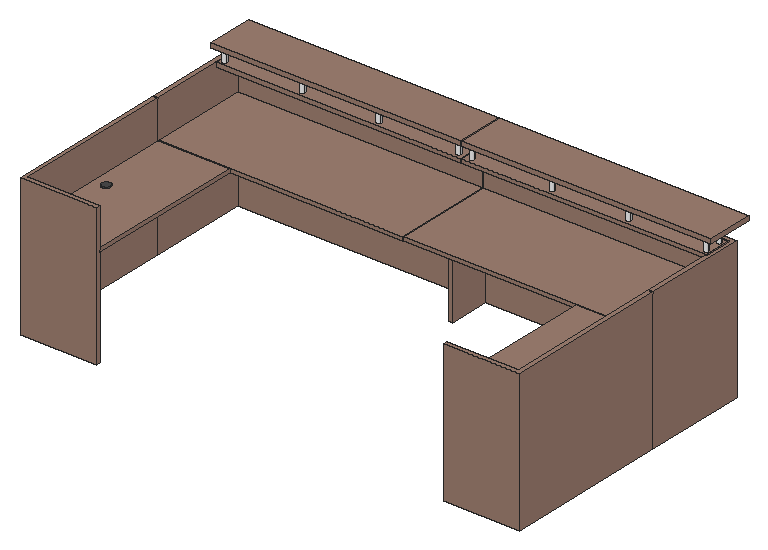
Revit family "T100121", category Furniture, Revit 2018
Family settings
  OmniClass Number = 23.40.20.00
  OmniClass Title = General Furniture and Specialties
  Work Plane-Based = No
  Always vertical = Yes
  Cut with Voids When Loaded = No
  Shared = No
  Room Calculation Point = No
Reference planes (in)
  plane 1 "Center Front/Back": y = 0
  plane 2: z = 0
  plane 3 "Center Left/Right": x = 0
Dimensions and locks (in)
  aligned and locked: level to plane 2
Nested families (in)
  nested 1: "OFS ELEMENT DOUBLE DESK WITH RETURN 144in" at (0, 17, 0), type "ELEMENT DOUBLE DESK WITH RETURN 144in Desk 48in Return"
    with Desk Overlay Option yes
Definition of nested family "OFS ELEMENT DOUBLE DESK WITH RETURN 144in"
  Parameters (values of type "ELEMENT DOUBLE DESK WITH RETURN 144in Desk 60in Return")
    Worksurface Material = none
    Width = 12' - 0"
    URL = "http://www.ofsbrands.com/"
    Transaction Shelf Material = none
    Table Supp from Lateral = 0' - 2 5/8"
    Table Supp from Center = 2' - 1"
    Table Depth = 1' - 1 1/2"
    Return Worksurface Width = 1' - 10"
    Model = "EL-T72D60"
    Manufacturer = "OFS"
    Lateral Board Thickness = 0' - 1 3/16"
    Height = 3' - 9"
    Standoffs Material = none
    Groomet Material = none
    Desk Overlay Thickness = 0' - 0 1/8"
    Desk Overlay Option [instance] = yes
    Desk Overlay Material = none
    Desk Overlay = 0' - 6 1/2"
    Description = "OFS BRANDS OFS ELEMENT DOUBLE DESK WITH RETURN 144\" Width, 2 X 72\"W x 34.3125\"D DESK, 2 X 60\"W x 22\"D RETURN"
    Depth = 7' - 10 5/16"
    Copyright © = "© 2018 OFS BRANDS"
    Catalog = "http://ofs.com/products/casegoods/reception/element"
    Bottom Board Offset = 0' - 0"
    Chassis Material = none
    Base Depth = 2' - 6"
    Back Board Thickness = 0' - 1 3/16"
    Authoring Version = "Autodesk Revit Architecture 2013"
    Assembly Code = "E2020200"
  Types (3): name | Model | Description | Depth
    (no name) | "EL-T72D60" | "OFS BRANDS OFS ELEMENT DOUBLE DESK WITH RETURN 144\" Width, 2 X 72\"W x 34.3125\"D DESK, 2 X 60\"W x 22\"D RETURN" | 7' - 10 5/16"
    ELEMENT DOUBLE DESK WITH RETURN 144in Desk 48in Return | "EL-T72D48" | "OFS BRANDS OFS ELEMENT DOUBLE DESK WITH RETURN 144\" Width, 2 X 72\"W x 34.3125\"D DESK, 2 X 48\"W x 22\"D RETURN" | 6' - 10 5/16"
    ELEMENT DOUBLE DESK WITH RETURN 144in Desk 60in Return | "EL-T72D60" | "OFS BRANDS OFS ELEMENT DOUBLE DESK WITH RETURN 144\" Width, 2 X 72\"W x 34.3125\"D DESK, 2 X 60\"W x 22\"D RETURN" | 7' - 10 5/16"
  Reference planes (in)
    plane 1 "Center Front/Back": y = 0
    plane 2: z = 0
    plane 3 "Center Left/Right": x = 0
    plane 4 "Back External": y = 17.15625
    plane 5 "Right External": x = 72
    plane 6 "Front External": y = -17.15625
    plane 7 "Left External": x = -72
    plane 8 "Seat Height": z = 29.5
    plane 9 "Height": z = 45
    plane 10: x = 70.8125
    plane 11: x = -70.8125
    plane 12: y = 12.84375
    plane 13: y = 11.65625
    plane 14: y = 3.65625
    plane 15: z = 40.5
    plane 16: z = 28.5
    plane 17: z = 43.875
    plane 18: z = 39.375
    plane 19: z = 0
    plane 20: x = -69.375
    plane 21: x = -25
    plane 22: x = 69.375
    plane 23: x = 25
    plane 24: x = 65.5
    plane 25: x = -65.5
    plane 26: z = 6.5
    plane 27: z = 34
    plane 28: y = 12.96875
    plane 29: x = 0.5
    plane 30: x = -0.5
    plane 31: x = -1.9375
    plane 32: x = 1.9375
    plane 33: x = -47
    plane 34: x = 47
    plane 35: y = -77.15625
    plane 36: x = -50
    plane 37: y = -75.96875
    plane 38: x = -67
    plane 39: x = 50
    plane 40: x = 67
    plane 41: y = -46.5625
  Forms (in)
    Extrusion 1, solid, material <- "Worksurface Material"
      sketch origin (0, 0, 0) x (1, 0, 0) y (0, 1, 0)
        loop
          line (-70.8125, 11.65625) -> (-70.8125, -17.15625) -> (-0.03125, -17.15625) -> (-0.03125, 11.65625) -> (-70.8125, 11.65625)
        loop
          line (70.8125, -17.15625) -> (70.8125, 11.65625) -> (0.03125, 11.65625) -> (0.03125, -17.15625) -> (70.8125, -17.15625)
      from 28.5 to 29.5
    Extrusion 2, solid, material <- "Chassis Material"
      sketch origin (0, 0, 0) x (1, 0, 0) y (0, 1, 0)
        loop
          line (-72, -17.15625) -> (-70.8125, -17.15625) -> (-70.8125, 11.65625) -> (-0.03125, 11.65625) -> (-0.03125, 12.84375) -> (-72, 12.84375) -> (-72, -17.15625)
        loop
          line (72, 12.84375) -> (0.03125, 12.84375) -> (0.03125, 11.65625) -> (70.8125, 11.65625) -> (70.8125, -17.15625) -> (72, -17.15625) -> (72, 12.84375)
      from 0 to 40.5
    Extrusion 3, solid, material <- "Chassis Material"
      sketch origin (0, 0, 6) x (1, 0, 0) y (0, 1, 0)
        loop
          line (-70.8125, 11.65625) -> (-70.8125, 3.65625) -> (-0.03125, 3.65625) -> (-0.03125, 11.65625) -> (-70.8125, 11.65625)
        loop
          line (70.8125, 3.65625) -> (70.8125, 11.65625) -> (0.03125, 11.65625) -> (0.03125, 3.65625) -> (70.8125, 3.65625)
      from 33.375 to 34.5
    Extrusion 4, solid, material <- "Transaction Shelf Material"
      sketch origin (0, 0, 6) x (1, 0, 0) y (0, 1, 0)
        loop
          line (-72, 17.15625) -> (-72, 3.65625) -> (-0.03125, 3.65625) -> (-0.03125, 17.15625) -> (-72, 17.15625)
        loop
          line (72, 3.65625) -> (72, 17.15625) -> (0.03125, 17.15625) -> (0.03125, 3.65625) -> (72, 3.65625)
      from 37.875 to 39
    Extrusion 5, solid, material <- "Standoffs Material"
      sketch origin (0, 0, 0) x (1, 0, 0) y (0, 1, 0)
        loop
          circle (-69.375, 10.04085) r 0.625
      from 40.5 to 43.875
    Extrusion 6, solid, material <- "Standoffs Material"
      sketch origin (0, -4.75, 0) x (1, 0, 0) y (0, 1, 0)
        loop
          circle (-69.375, 10.04085) r 0.625
      from 40.5 to 43.875
    Extrusion 7, solid, material <- "Standoffs Material"
      sketch origin (22.25, 0, 0) x (1, 0, 0) y (0, 1, 0)
        loop
          circle (-47.25, 10.04085) r 0.625
      from 40.5 to 43.875
    Extrusion 8, solid, material <- "Standoffs Material"
      sketch origin (22.25, -4.75, 0) x (1, 0, 0) y (0, 1, 0)
        loop
          circle (-47.25, 10.04085) r 0.625
      from 40.5 to 43.875
    Extrusion 9, solid, material <- "Standoffs Material"
      sketch origin (44.5, 0, 0) x (1, 0, 0) y (0, 1, 0)
        loop
          circle (-19.5, 10.04085) r 0.625
      from 40.5 to 43.875
    Extrusion 10, solid, material <- "Standoffs Material"
      sketch origin (44.5, -4.75, 0) x (1, 0, 0) y (0, 1, 0)
        loop
          circle (-19.5, 10.04085) r 0.625
      from 40.5 to 43.875
    Extrusion 11, solid, material <- "Standoffs Material"
      sketch origin (66.75, 0, 0) x (1, 0, 0) y (0, 1, 0)
        loop
          circle (2.625, 10.04085) r 0.625
      from 40.5 to 43.875
    Extrusion 12, solid, material <- "Standoffs Material"
      sketch origin (66.75, -4.75, 0) x (1, 0, 0) y (0, 1, 0)
        loop
          circle (2.625, 10.04085) r 0.625
      from 40.5 to 43.875
    Extrusion 13, solid, material <- "Desk Overlay Material", visible <- "Desk Overlay Option"
      sketch origin (0, 0, 0) x (1, 0, 0) y (0, 0, 1)
        loop
          line (65.5, 34) -> (-65.5, 34) -> (-65.5, 6.5) -> (65.5, 6.5) -> (65.5, 34)
      from -12.96875 to -12.84375
    Extrusion 14, solid, material <- "Chassis Material"
      sketch origin (0, 0, 0) x (1, 0, 0) y (0, 1, 0)
        loop
          line (-0.5, 11.65625) -> (-0.5, 0) -> (0.5, 0) -> (0.5, 11.65625) -> (-0.5, 11.65625)
      from 0 to 28.5
    Extrusion 15, solid, material <- "Standoffs Material"
      sketch origin (-71.3125, 0, 0) x (-1, 0, 0) y (0, -1, 0)
        loop
          circle (-69.375, -10.04085) r 0.625
      from 40.5 to 43.875
    Extrusion 16, solid, material <- "Standoffs Material"
      sketch origin (-71.3125, -4.75, 0) x (-1, 0, 0) y (0, -1, 0)
        loop
          circle (-69.375, -10.04085) r 0.625
      from 40.5 to 43.875
    Extrusion 17, solid, material <- "Standoffs Material"
      sketch origin (71.3125, 0, 0) x (1, 0, 0) y (0, 1, 0)
        loop
          circle (-69.375, 10.04085) r 0.625
      from 40.5 to 43.875
    Extrusion 18, solid, material <- "Standoffs Material"
      sketch origin (71.3125, -4.75, 0) x (1, 0, 0) y (0, 1, 0)
        loop
          circle (-69.375, 10.04085) r 0.625
      from 40.5 to 43.875
    Extrusion 19, solid, material <- "Standoffs Material"
      sketch origin (-94.25, 0, 0) x (-1, 0, 0) y (0, -1, 0)
        loop
          circle (-47.25, -10.04085) r 0.625
      from 40.5 to 43.875
    Extrusion 20, solid, material <- "Standoffs Material"
      sketch origin (-94.25, -4.75, 0) x (-1, 0, 0) y (0, -1, 0)
        loop
          circle (-47.25, -10.04085) r 0.625
      from 40.5 to 43.875
    Extrusion 21, solid, material <- "Standoffs Material"
      sketch origin (94.25, 0, 0) x (1, 0, 0) y (0, 1, 0)
        loop
          circle (-47.25, 10.04085) r 0.625
      from 40.5 to 43.875
    Extrusion 22, solid, material <- "Standoffs Material"
      sketch origin (94.25, -4.75, 0) x (1, 0, 0) y (0, 1, 0)
        loop
          circle (-47.25, 10.04085) r 0.625
      from 40.5 to 43.875
    Extrusion 23, solid, material <- "Chassis Material"
      sketch origin (-36, 0, 0) x (1, 0, 0) y (0, 1, 0)
        loop
          line (-36, -17.15625) -> (-36, -77.15625) -> (-14, -77.15625) -> (-14, -75.96875) -> (-34.8125, -75.96875) -> (-34.8125, -17.15625) -> (-36, -17.15625)
      from 0 to 40.5
    Extrusion 24, solid, material <- "Worksurface Material"
      sketch origin (-21.16074, -32.43958, 0) x (1, 0, 0) y (0, 1, 0)
        loop
          line (-49.65176, 15.28333) -> (-49.65176, -43.52917) -> (-28.83926, -43.52917) -> (-28.83926, 15.28333) -> (-49.65176, 15.28333)
      from 28.5 to 29.5
    Extrusion 25, solid, material <- "Chassis Material"
      sketch origin (36, 0, 0) x (-1, 0, 0) y (0, -1, 0)
        loop
          line (-36, 17.15625) -> (-34.8125, 17.15625) -> (-34.8125, 75.96875) -> (-14, 75.96875) -> (-14, 77.15625) -> (-36, 77.15625) -> (-36, 17.15625)
      from 0 to 40.5
    Extrusion 26, solid, material <- "Worksurface Material"
      sketch origin (21.16074, -32.43958, 0) x (-1, 0, 0) y (0, -1, 0)
        loop
          line (-49.65176, -15.28333) -> (-28.83926, -15.28333) -> (-28.83926, 43.52917) -> (-49.65176, 43.52917) -> (-49.65176, -15.28333)
      from 28.5 to 29.5
    Extrusion 27, solid, material <- "Groomet Material"
      sketch origin (-36, 0, 0) x (1, 0, 0) y (0, 1, 0)
        loop
          circle (-31, -46.5625) r 1.25
      from 29.5 to 29.625
    Extrusion 28, solid, material <- "Groomet Material"
      sketch origin (36, 6, 0) x (-1, 0, 0) y (0, -1, 0)
        loop
          circle (-31, 52.5625) r 1.25
      from 29.5 to 29.625
  Dimensions and locks (in)
    equal spacing: plane 7 "Left External", plane 3 "Center Left/Right", plane 5 "Right External"
    "Width": plane 7 "Left External" to plane 5 "Right External"
    equal spacing: plane 6 "Front External", plane 1 "Center Front/Back", plane 4 "Back External"
    "Depth": plane 4 "Back External" to plane 35
    plane 8 "Seat Height" to level = 2' - 5 1/2"
    "Height": plane 9 "Height" to level
    "Lateral Board Thickness": plane 7 "Left External" to plane 11
    "Lateral Board Thickness": plane 10 to plane 5 "Right External"
    "Base Depth": plane 12 to plane 6 "Front External"
    "Back Board Thickness": plane 12 to plane 13
    "Table Depth": plane 4 "Back External" to plane 14
    plane 15 to level = 3' - 4 1/2"
    "Bottom Board Offset": plane 19 to level
    "Table Supp from Lateral": plane 7 "Left External" to plane 20
    "Table Supp from Center": plane 21 to plane 3 "Center Left/Right"
    "Table Supp from Lateral": plane 5 "Right External" to plane 22
    "Table Supp from Center": plane 23 to plane 3 "Center Left/Right"
    "Desk Overlay": plane 5 "Right External" to plane 24
    "Desk Overlay": plane 25 to plane 7 "Left External"
    plane 25 to plane 24 = 10' - 11"
    "Desk Overlay": plane 27 to plane 15
    "Desk Overlay": plane 19 to plane 26
    "Desk Overlay Thickness": plane 28 to plane 12
    Extrusion 23 to plane 38 = 0' - 5"
    Extrusion 25 to plane 40 = 0' - 5"
    locked: plane 37 to plane 35 at 1.1875
    equal spacing: plane 6 "Front External", plane 41, plane 37
    aligned and locked: level to plane 2
    aligned and locked: Extrusion 1 sketch curve to plane 13
    aligned and locked: Extrusion 1 sketch curve to plane 11
    aligned and locked: Extrusion 1 sketch curve to plane 6 "Front External"
    aligned and locked: Extrusion 1 sketch curve to plane 10
    aligned and locked: plane 7 "Left External" to Extrusion 2 sketch curve
    aligned and locked: Extrusion 1 to Extrusion 2 sketch curve  (x2)
    aligned and locked: Extrusion 2 sketch curve to Extrusion 1  (x2)
    aligned and locked: Extrusion 2 sketch curve to plane 12
    aligned and locked: plane 5 "Right External" to Extrusion 2 sketch curve
    aligned and locked: Extrusion 2 sketch curve to plane 13
    aligned and locked: Extrusion 2 to plane 19
    aligned and locked: Extrusion 1 to plane 16
    aligned and locked: Extrusion 1 to plane 8 "Seat Height"
    aligned and locked: Extrusion 3 to plane 18
    aligned and locked: plane 11 to Extrusion 3
    aligned and locked: plane 10 to Extrusion 3
    aligned and locked: plane 13 to Extrusion 3
    aligned and locked: Extrusion 3 to plane 14
    aligned and locked: Extrusion 4 to plane 14
    aligned and locked: plane 4 "Back External" to Extrusion 4
    aligned and locked: Extrusion 4 to plane 9 "Height"
    aligned and locked: Extrusion 4 to plane 17
    aligned and locked: plane 5 "Right External" to Extrusion 4
    aligned and locked: Extrusion 4 to plane 7 "Left External"
    aligned and locked: Extrusion 13 sketch curve to plane 27
    aligned and locked: Extrusion 13 sketch curve to plane 24
    aligned and locked: Extrusion 13 sketch curve to plane 26
    aligned and locked: Extrusion 13 sketch curve to plane 25
    aligned and locked: Extrusion 13 to plane 12
    aligned and locked: Extrusion 13 to plane 28
    aligned and locked: Extrusion 14 sketch curve to plane 13
    aligned and locked: Extrusion 14 sketch curve to plane 30
    aligned and locked: Extrusion 14 sketch curve to plane 1 "Center Front/Back"
    aligned and locked: Extrusion 14 sketch curve to plane 29
    aligned and locked: Extrusion 23 sketch curve to plane 37
    aligned and locked: plane 36 to Extrusion 23 sketch curve
    aligned and locked: plane 35 to Extrusion 23 sketch curve
    aligned and locked: Extrusion 24 to plane 36
    aligned and locked: Extrusion 24 to plane 37
    aligned and locked: Extrusion 25 sketch curve to plane 39
    aligned and locked: plane 39 to Extrusion 26
  Automatic sketch dimensions
    Extrusion 1 sketch curve to plane 6 "Front External" = 0' - 0"
    Extrusion 1 sketch curve to plane 13 = 0' - 0"
    Extrusion 1 sketch curve to plane 3 "Center Left/Right" = 0' - 0 1/32"
    plane 3 "Center Left/Right" to Extrusion 1 sketch curve = 0' - 0 1/32"
    Extrusion 2 sketch curve to plane 12 = 0' - 0"
    Extrusion 2 sketch curve to plane 13 = 0' - 0"
    Extrusion 2 sketch curve to plane 3 "Center Left/Right" = 0' - 0 1/32"
    plane 3 "Center Left/Right" to Extrusion 2 sketch curve = 0' - 0 1/32"
    Extrusion 3 sketch curve to plane 11 = 0' - 0"
    Extrusion 3 sketch curve to plane 13 = 0' - 0"  (x2)
    Extrusion 3 sketch curve to plane 14 = 0' - 0"  (x2)
    Extrusion 3 sketch curve to plane 10 = 0' - 0"
    Extrusion 3 sketch curve to plane 3 "Center Left/Right" = 0' - 0 1/32"
    plane 3 "Center Left/Right" to Extrusion 3 sketch curve = 0' - 0 1/32"
    Extrusion 4 sketch curve to plane 4 "Back External" = 0' - 0"  (x2)
    Extrusion 4 sketch curve to plane 7 "Left External" = 0' - 0"
    Extrusion 4 sketch curve to plane 14 = 0' - 0"  (x2)
    Extrusion 4 sketch curve to plane 5 "Right External" = 0' - 0"
    Extrusion 4 sketch curve to plane 3 "Center Left/Right" = 0' - 0 1/32"
    plane 3 "Center Left/Right" to Extrusion 4 sketch curve = 0' - 0 1/32"
    Extrusion 5 sketch curve to plane 20 = 0' - 0"
    Extrusion 5 sketch curve to plane 13 = 0' - 1.6154"
    Extrusion 6 sketch curve to plane 20 = 0' - 0"
    plane 14 to Extrusion 6 sketch curve = 0' - 1.6346"
    Extrusion 7 sketch curve to plane 21 = 0' - 0"
    Extrusion 7 sketch curve to plane 13 = 0' - 1.6154"
    Extrusion 8 sketch curve to plane 21 = 0' - 0"
    plane 14 to Extrusion 8 sketch curve = 0' - 1.6346"
    Extrusion 9 sketch curve to plane 23 = 0' - 0"
    Extrusion 9 sketch curve to plane 13 = 0' - 1.6154"
    Extrusion 10 sketch curve to plane 23 = 0' - 0"
    plane 14 to Extrusion 10 sketch curve = 0' - 1.6346"
    Extrusion 11 sketch curve to plane 22 = 0' - 0"
    Extrusion 11 sketch curve to plane 13 = 0' - 1.6154"
    Extrusion 12 sketch curve to plane 22 = 0' - 0"
    plane 14 to Extrusion 12 sketch curve = 0' - 1.6346"
    Extrusion 15 sketch curve to plane 31 = 0' - 0"
    plane 13 to Extrusion 15 sketch curve = 0' - 1.6154"
    Extrusion 16 sketch curve to plane 31 = 0' - 0"
    Extrusion 16 sketch curve to plane 14 = 0' - 1.6346"
    Extrusion 17 sketch curve to plane 32 = 0' - 0"
    Extrusion 17 sketch curve to plane 13 = 0' - 1.6154"
    Extrusion 18 sketch curve to plane 32 = 0' - 0"
    plane 14 to Extrusion 18 sketch curve = 0' - 1.6346"
    Extrusion 19 sketch curve to plane 33 = 0' - 0"
    plane 13 to Extrusion 19 sketch curve = 0' - 1.6154"
    Extrusion 20 sketch curve to plane 33 = 0' - 0"
    Extrusion 20 sketch curve to plane 14 = 0' - 1.6346"
    Extrusion 21 sketch curve to plane 34 = 0' - 0"
    Extrusion 21 sketch curve to plane 13 = 0' - 1.6154"
    Extrusion 22 sketch curve to plane 34 = 0' - 0"
    plane 14 to Extrusion 22 sketch curve = 0' - 1.6346"
    Extrusion 23 sketch curve to plane 7 "Left External" = 0' - 0"
    Extrusion 23 sketch curve to plane 11 = 0' - 0"
    Extrusion 23 sketch curve to plane 6 "Front External" = 0' - 0"
    Extrusion 24 sketch curve to plane 11 = 0' - 0"
    Extrusion 24 sketch curve to plane 36 = 0' - 0"
    Extrusion 24 sketch curve to plane 37 = 0' - 0"
    Extrusion 24 sketch curve to plane 6 "Front External" = 0' - 0"
    Extrusion 25 sketch curve to plane 5 "Right External" = 0' - 0"
    Extrusion 25 sketch curve to plane 10 = 0' - 0"
    plane 6 "Front External" to Extrusion 25 sketch curve = 0' - 0"
    plane 37 to Extrusion 25 sketch curve = 0' - 0"
    plane 35 to Extrusion 25 sketch curve = 0' - 0"
    Extrusion 26 sketch curve to plane 10 = 0' - 0"
    plane 37 to Extrusion 26 sketch curve = 0' - 0"
    Extrusion 26 sketch curve to plane 39 = 0' - 0"
    plane 6 "Front External" to Extrusion 26 sketch curve = 0' - 0"
    Extrusion 27 sketch curve to plane 38 = 0' - 0"
    Extrusion 27 sketch curve to plane 41 = 0' - 0"
    Extrusion 28 sketch curve to plane 40 = 0' - 0"
    Extrusion 28 sketch curve to plane 41 = 0' - 0"
    radius of Extrusion 5 sketch curve = 0' - 0 5/8"
    radius of Extrusion 6 sketch curve = 0' - 0 5/8"
    radius of Extrusion 7 sketch curve = 0' - 0 5/8"
    radius of Extrusion 8 sketch curve = 0' - 0 5/8"
    radius of Extrusion 9 sketch curve = 0' - 0 5/8"
    radius of Extrusion 10 sketch curve = 0' - 0 5/8"
    radius of Extrusion 11 sketch curve = 0' - 0 5/8"
    radius of Extrusion 12 sketch curve = 0' - 0 5/8"
    radius of Extrusion 15 sketch curve = 0' - 0 5/8"
    radius of Extrusion 16 sketch curve = 0' - 0 5/8"
    radius of Extrusion 17 sketch curve = 0' - 0 5/8"
    radius of Extrusion 18 sketch curve = 0' - 0 5/8"
    radius of Extrusion 19 sketch curve = 0' - 0 5/8"
    radius of Extrusion 20 sketch curve = 0' - 0 5/8"
    radius of Extrusion 21 sketch curve = 0' - 0 5/8"
    radius of Extrusion 22 sketch curve = 0' - 0 5/8"
    radius of Extrusion 27 sketch curve = 0' - 1 1/4"
    radius of Extrusion 28 sketch curve = 0' - 1 1/4"
